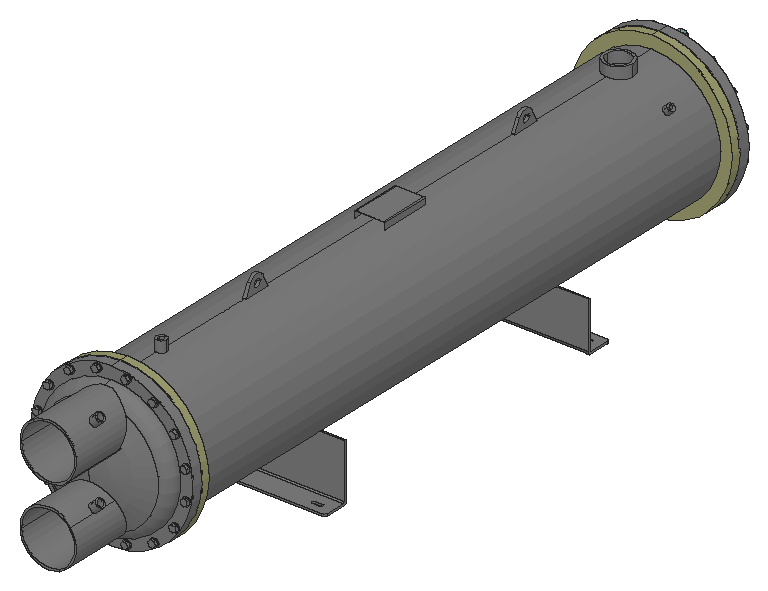
Revit family "MIT-BCM_940_4P", category Specialty Equipment, Revit 2022
Family settings
  Round Connector Dimension = Use Radius
  Part Type = Normal
  Work Plane-Based = No
  Always vertical = Yes
  Cut with Voids When Loaded = No
  Maintain Annotation Orientation = No
  Shared = No
  Room Calculation Point = No
Parameters
  URL = "https://en.ekinendustriyel.com/evaporators-and-condensers"
  Test Pressure = 64.35 bar
  Production Standard = "TS EN 13831"
  Operating Pressure = 45.0 bar
  Model = "MIT-BCM 940_4P"
  Manufacturer = "Ekin Endüstriyel"
  Keynote = "Condensers"
  Description = "MIT- Condensers"
  Default Elevation = 0 mm
Reference planes
  plane 1 "Center (Front/Back)": y = 0
  plane 2: z = 0
  plane 3 "Center (Left/Right)": x = 0
  plane 4 "Center L/S": z = 189.822
Forms (mm)
  Extrusion 1, solid, material "Ekin Endustriyel-S235JR"
    sketch origin (0, 0, 0) x (1, 0, 0) y (0, 0, 1)
      loop
        circle (0, 303.2) r 203.2
    from -1014.666 to 935.166
  Extrusion 2, solid, material "Ekin Endustriyel-S235JR"
    sketch origin (0, 40, 265.699) x (1, 0, 0) y (0, 0, 1)
      loop
        line (-45, 213.306) -> (-44, 213.306) -> (-44, 252.88)
        arc (-44, 252.88) -> (-43.414, 254.294) -> (-42, 254.88) r 2
        line (-42, 254.88) -> (42, 254.88)
        arc (42, 254.88) -> (43.414, 254.294) -> (44, 252.88) r 2
        line (44, 252.88) -> (44, 204.624) -> (45, 204.624) -> (45, 252.88)
        arc (45, 252.88) -> (44.121, 255.002) -> (42, 255.88) r 3
        line (42, 255.88) -> (-42, 255.88)
        arc (-42, 255.88) -> (-44.121, 255.002) -> (-45, 252.88) r 3
        line (-45, 252.88) -> (-45, 213.306)
    from -75 to 75
  Extrusion 3, solid, material "Ekin Endustriyel-S235JR"
    sketch origin (0, 640.19, 79.455) x (1, 0, 0) y (0, 1, 0)
      loop
        circle (0, 249.81) r 42.75
      loop
        circle (0, 249.81) r 35.079
    from 456.945 to 380.83
  Extrusion 4, solid, material "Ekin Endustriyel-S235JR"
    sketch origin (0, -559.681, 76.35) x (1, 0, 0) y (0, 1, 0)
      loop
        circle (0, -250.334) r 15
      loop
        circle (0, -250.334) r 8.928
    from 460.05 to 374.088
  Extrusion 5, solid, material "Ekin Endustriyel-S235JR"
    sketch origin (122.291, 889.856, 401.812) x (0, 1, 0) y (-0.707107, 0, 0.707107)
      loop
        circle (0.144, 16.744) r 11
      loop
        circle (0.144, 16.744) r 6.244
    from 64.998 to -32.02
  Extrusion 6, solid, material "Ekin Endustriyel-S235JR"
    sketch origin (0, -500.291, 0) x (1, 0, 0) y (0, 1, 0)
      loop
        circle (0, -309.709) r 29.75
      loop
        circle (0, -309.709) r 23.144
    from 70 to 169.15
  Extrusion 7, solid, material "Ekin Endustriyel-S235JR", detail levels coarse
    sketch origin (0, 0, 12.15) x (1, 0, 0) y (0, 0, 1)
      loop
        circle (0, 291.05) r 240
    from -1158.593 to 1229.2
  Extrusion 8, solid, material "Ekin Endustriyel-S235JR"
    sketch origin (0, -275.334, 0) x (0, -1, 0) y (0, 0, -1)
      loop
        line (134.666, -9) -> (134.666, -170) -> (139.666, -170) -> (139.666, -9)
        arc (139.666, -9) -> (140.837, -6.172) -> (143.666, -5) r 4
        line (143.666, -5) -> (214.666, -5) -> (214.666, 0) -> (143.666, 0)
        arc (143.666, 0) -> (137.302, -2.636) -> (134.666, -9) r 9
    from -230 to 230
  Extrusion 9, solid, material "Ekin Endustriyel-S235JR", detail levels medium+fine
    sketch origin (40, -549.666, 12.133) x (1, 0, 0) y (0, 0, 1)
      loop
        circle (-40, 406.067) r 79.2
      loop
        circle (-40, 176.067) r 79.2
      loop
        arc (27.319, 355.576) -> (-31.258, 489.761) -> (-116.3, 370.577) r 84.15
        arc (-116.3, 370.577) -> (-48.742, 322.372) -> (27.319, 355.576) r 84.15
      loop
        arc (-116.3, 211.556) -> (-31.258, 92.372) -> (27.319, 226.558) r 84.15
        arc (27.319, 226.558) -> (-48.742, 259.761) -> (-116.3, 211.556) r 84.15
    from 390.526 to 679.534
  Extrusion 10, solid, material "Ekin Endustriyel-S235JR"
    sketch origin (0, -0.334, 150.102) x (0, -1, 0) y (0, 0, -1)
      loop
        line (-644.444, -224.729) -> (-562.806, -392.192)
        arc (-562.806, -392.192) -> (-540.334, -406.237) -> (-517.863, -392.192) r 25
        line (-517.863, -392.192) -> (-436.225, -224.729) -> (-644.444, -224.729)
      loop
        circle (-540.334, -381.237) r 12.5
      loop
        line (553.432, -245.946) -> (365.899, -245.946) -> (437.194, -392.192)
        arc (437.194, -392.192) -> (459.666, -406.237) -> (482.137, -392.192) r 25
        line (482.137, -392.192) -> (553.432, -245.946)
      loop
        circle (459.666, -381.237) r 12.5
    from -5 to 5
  Extrusion 11, solid, material "Ekin Endustriyel-AISI316L", detail levels medium+fine
    sketch origin (0, -549.666, 12.133) x (1, 0, 0) y (0, 0, 1)
      loop
        circle (0, 291.067) r 240
    from 385.5 to 409.5
  Extrusion 12, solid, material "Ekin Endustriyel-S235JR"
    sketch origin (0, 356.334, 0) x (0, 1, 0) y (0, 0, 1)
      loop
        arc (134.666, 9) -> (137.302, 2.636) -> (143.666, 0) r 9
        line (143.666, 0) -> (213.666, 0) -> (213.666, 5) -> (143.666, 5)
        arc (143.666, 5) -> (140.837, 6.172) -> (139.666, 9) r 4
        line (139.666, 9) -> (139.666, 150) -> (134.666, 150) -> (134.666, 9)
    from -230 to 230
  Extrusion 13, void
    sketch origin (0, 551, 5) x (0, -1, 0) y (1, 0, 0)
      loop
        line (17.25, 175) -> (17.25, 195)
        arc (17.25, 195) -> (11, 201.25) -> (4.75, 195) r 6.25
        line (4.75, 195) -> (4.75, 175)
        arc (4.75, 175) -> (11, 168.75) -> (17.25, 175) r 6.25
      loop
        line (-9, 230) -> (-29, 230) -> (-29, -230) -> (-9, -230)
        arc (-9, -230) -> (-16.071, -227.071) -> (-19, -220) r 10
        line (-19, -220) -> (-19, 220)
        arc (-19, 220) -> (-16.071, 227.071) -> (-9, 230) r 10
      loop
        arc (4.75, -195) -> (11, -201.25) -> (17.25, -195) r 6.25
        line (17.25, -195) -> (17.25, -175)
        arc (17.25, -175) -> (11, -168.75) -> (4.75, -175) r 6.25
        line (4.75, -175) -> (4.75, -195)
    from -5 to 0
  Extrusion 14, solid, material "Ekin Endustriyel-S235JR", detail levels medium+fine
    sketch origin (-265.667, -549.666, 277.8) x (0, 0, -1) y (-1, 0, 0)
      loop
        line (-255.169, -303.425) -> (-255.938, -314.367) -> (-246.846, -320.505) -> (-236.985, -315.699) -> (-236.216, -304.757) -> (-245.308, -298.619) -> (-255.169, -303.425)
      loop
        line (-255.169, -227.909) -> (-245.308, -232.714) -> (-236.216, -226.577) -> (-236.985, -215.634) -> (-246.846, -210.829) -> (-255.938, -216.966) -> (-255.169, -227.909)
      loop
        line (204.369, -303.425) -> (194.508, -298.619) -> (185.416, -304.757) -> (186.185, -315.699) -> (196.046, -320.505) -> (205.138, -314.367) -> (204.369, -303.425)
      loop
        line (204.369, -227.909) -> (205.138, -216.966) -> (196.046, -210.829) -> (186.185, -215.634) -> (185.416, -226.577) -> (194.508, -232.714) -> (204.369, -227.909)
      loop
        line (12.358, -495.436) -> (23.301, -496.205) -> (29.438, -487.112) -> (24.633, -477.251) -> (13.69, -476.482) -> (7.553, -485.574) -> (12.358, -495.436)
      loop
        line (-63.158, -495.436) -> (-58.353, -485.574) -> (-64.49, -476.482) -> (-75.433, -477.251) -> (-80.238, -487.112) -> (-74.101, -496.205) -> (-63.158, -495.436)
      loop
        line (12.358, -35.898) -> (7.553, -45.759) -> (13.69, -54.851) -> (24.633, -54.082) -> (29.438, -44.221) -> (23.301, -35.129) -> (12.358, -35.898)
      loop
        line (-63.158, -35.898) -> (-74.101, -35.129) -> (-80.238, -44.221) -> (-75.433, -54.082) -> (-64.49, -54.851) -> (-58.353, -45.759) -> (-63.158, -35.898)
      loop
        line (-161.172, -454.837) -> (-153.978, -463.118) -> (-143.209, -461.029) -> (-139.634, -450.658) -> (-146.828, -442.377) -> (-157.597, -444.466) -> (-161.172, -454.837)
      loop
        line (-214.57, -401.439) -> (-204.199, -397.864) -> (-202.11, -387.095) -> (-210.391, -379.901) -> (-220.762, -383.476) -> (-222.851, -394.245) -> (-214.57, -401.439)
      loop
        line (163.77, -129.895) -> (153.399, -133.47) -> (151.31, -144.238) -> (159.591, -151.432) -> (169.962, -147.857) -> (172.051, -137.088) -> (163.77, -129.895)
      loop
        line (110.372, -76.497) -> (103.178, -68.215) -> (92.409, -70.305) -> (88.834, -80.675) -> (96.028, -88.957) -> (106.797, -86.867) -> (110.372, -76.497)
      loop
        line (163.77, -401.439) -> (172.051, -394.245) -> (169.962, -383.476) -> (159.591, -379.901) -> (151.31, -387.095) -> (153.399, -397.864) -> (163.77, -401.439)
      loop
        line (110.372, -454.837) -> (106.797, -444.466) -> (96.028, -442.377) -> (88.834, -450.658) -> (92.409, -461.029) -> (103.178, -463.118) -> (110.372, -454.837)
      loop
        line (-161.172, -76.497) -> (-157.597, -86.867) -> (-146.828, -88.957) -> (-139.634, -80.675) -> (-143.209, -70.305) -> (-153.978, -68.215) -> (-161.172, -76.497)
      loop
        line (-214.57, -129.895) -> (-222.851, -137.088) -> (-220.762, -147.857) -> (-210.391, -151.432) -> (-202.11, -144.238) -> (-204.199, -133.47) -> (-214.57, -129.895)
    from -452.334 to -444.834
  Extrusion 15, solid, material "Ekin Endustriyel-S235JR", detail levels medium+fine
    sketch origin (-265.667, -549.666, 277.8) x (0, 0, -1) y (-1, 0, 0)
      loop
        circle (-246.077, -309.562) r 11.75
      loop
        circle (-246.077, -221.771) r 11.75
      loop
        circle (195.277, -309.562) r 11.75
      loop
        circle (195.277, -221.771) r 11.75
      loop
        circle (-150.274, -453.059) r 11.75
      loop
        circle (-212.352, -390.981) r 11.75
      loop
        circle (161.81, -140.975) r 11.75
      loop
        circle (99.732, -78.897) r 11.75
      loop
        circle (18.624, -486.655) r 11.75
      loop
        circle (-69.166, -486.655) r 11.75
      loop
        circle (18.624, -45.301) r 11.75
      loop
        circle (-69.166, -45.301) r 11.75
      loop
        circle (161.81, -390.981) r 11.75
      loop
        circle (99.732, -453.059) r 11.75
      loop
        circle (-150.274, -78.897) r 11.75
      loop
        circle (-212.352, -140.975) r 11.75
    from -444.834 to -442.334
  Extrusion 16, solid, material "Ekin Endustriyel-S235JR", detail levels medium+fine
    sketch origin (41.929, -1134.762, 439.914) x (0, 1, 0) y (-0.707107, 0, 0.707107)
      loop
        circle (0.583, 14.294) r 13.45
      loop
        circle (0.583, 14.294) r 10.65
    from 64.998 to 37.156
  Extrusion 17, solid, material "Ekin Endustriyel-S235JR", detail levels medium+fine
    sketch origin (41.929, -1134.762, 209.914) x (0, 1, 0) y (-0.707107, 0, 0.707107)
      loop
        circle (0.583, 14.294) r 13.45
      loop
        circle (0.583, 14.294) r 10.65
    from 64.998 to 37.156
  Extrusion 18, solid, material "Ekin Endustriyel-S235JR", detail levels medium+fine
    sketch origin (0, -577.737, 12.133) x (1, 0, 0) y (0, 0, 1)
      loop
        circle (0, 291.067) r 240
    from 381.5 to 414.5
  Extrusion 19, solid, material "Ekin Endustriyel-AISI316L", detail levels medium+fine
    sketch origin (0, 549.666, 12.133) x (1, 0, 0) y (0, 0, -1)
      loop
        circle (0, -291.067) r 240
    from 465 to 490
  Revolve 20, solid, material "Ekin Endustriyel-S235JR", detail levels medium+fine
    sketch origin (0, 549.666, 12.133) x (0, -1, 0) y (0, 0, -1)
      loop
        line (-523.072, -291.067) -> (-609.631, -291.067)
        arc (-609.631, -291.067) -> (-598.405, -380.757) -> (-567.342, -465.642) r 400.314
        arc (-567.342, -465.642) -> (-550.309, -487.811) -> (-523.072, -494.112) r 41.428
        line (-523.072, -494.112) -> (-523.072, -291.067)
      axis (-523.072, -291.067) -> (-609.631, -291.067)
    angle from 0 to 360
  Extrusion 21, solid, material "Ekin Endustriyel-S235JR", detail levels medium+fine
    sketch origin (-265.667, 549.666, 277.8) x (0, 0, -1) y (1, 0, 0)
      loop
        line (-255.169, 303.425) -> (-245.308, 298.619) -> (-236.216, 304.757) -> (-236.985, 315.699) -> (-246.846, 320.505) -> (-255.938, 314.367) -> (-255.169, 303.425)
      loop
        line (-255.169, 227.909) -> (-255.938, 216.966) -> (-246.846, 210.829) -> (-236.985, 215.634) -> (-236.216, 226.577) -> (-245.308, 232.714) -> (-255.169, 227.909)
      loop
        line (204.369, 303.425) -> (205.138, 314.367) -> (196.046, 320.505) -> (186.185, 315.699) -> (185.416, 304.757) -> (194.508, 298.619) -> (204.369, 303.425)
      loop
        line (204.369, 227.909) -> (194.508, 232.714) -> (185.416, 226.577) -> (186.185, 215.634) -> (196.046, 210.829) -> (205.138, 216.966) -> (204.369, 227.909)
      loop
        line (12.358, 495.436) -> (7.553, 485.574) -> (13.69, 476.482) -> (24.633, 477.251) -> (29.438, 487.112) -> (23.301, 496.205) -> (12.358, 495.436)
      loop
        line (-63.158, 495.436) -> (-74.101, 496.205) -> (-80.238, 487.112) -> (-75.433, 477.251) -> (-64.49, 476.482) -> (-58.353, 485.574) -> (-63.158, 495.436)
      loop
        line (12.358, 35.898) -> (23.301, 35.129) -> (29.438, 44.221) -> (24.633, 54.082) -> (13.69, 54.851) -> (7.553, 45.759) -> (12.358, 35.898)
      loop
        line (-63.158, 35.898) -> (-58.353, 45.759) -> (-64.49, 54.851) -> (-75.433, 54.082) -> (-80.238, 44.221) -> (-74.101, 35.129) -> (-63.158, 35.898)
      loop
        line (-161.172, 454.837) -> (-157.597, 444.466) -> (-146.828, 442.377) -> (-139.634, 450.658) -> (-143.209, 461.029) -> (-153.978, 463.118) -> (-161.172, 454.837)
      loop
        line (-214.57, 401.439) -> (-222.851, 394.245) -> (-220.762, 383.476) -> (-210.391, 379.901) -> (-202.11, 387.095) -> (-204.199, 397.864) -> (-214.57, 401.439)
      loop
        line (163.77, 129.895) -> (172.051, 137.088) -> (169.962, 147.857) -> (159.591, 151.432) -> (151.31, 144.238) -> (153.399, 133.47) -> (163.77, 129.895)
      loop
        line (110.372, 76.497) -> (106.797, 86.867) -> (96.028, 88.957) -> (88.834, 80.675) -> (92.409, 70.305) -> (103.178, 68.215) -> (110.372, 76.497)
      loop
        line (163.77, 401.439) -> (153.399, 397.864) -> (151.31, 387.095) -> (159.591, 379.901) -> (169.962, 383.476) -> (172.051, 394.245) -> (163.77, 401.439)
      loop
        line (110.372, 454.837) -> (103.178, 463.118) -> (92.409, 461.029) -> (88.834, 450.658) -> (96.028, 442.377) -> (106.797, 444.466) -> (110.372, 454.837)
      loop
        line (-161.172, 76.497) -> (-153.978, 68.215) -> (-143.209, 70.305) -> (-139.634, 80.675) -> (-146.828, 88.957) -> (-157.597, 86.867) -> (-161.172, 76.497)
      loop
        line (-214.57, 129.895) -> (-204.199, 133.47) -> (-202.11, 144.238) -> (-210.391, 151.432) -> (-220.762, 147.857) -> (-222.851, 137.088) -> (-214.57, 129.895)
    from -532.334 to -523.072
  Extrusion 22, solid, material "Ekin Endustriyel-S235JR", detail levels medium+fine
    sketch origin (-265.667, 549.666, 277.8) x (0, 0, -1) y (1, 0, 0)
      loop
        circle (-246.077, 309.562) r 11.75
      loop
        circle (-246.077, 221.771) r 11.75
      loop
        circle (195.277, 309.562) r 11.75
      loop
        circle (195.277, 221.771) r 11.75
      loop
        circle (-150.274, 453.059) r 11.75
      loop
        circle (-212.352, 390.981) r 11.75
      loop
        circle (161.81, 140.975) r 11.75
      loop
        circle (99.732, 78.897) r 11.75
      loop
        circle (18.624, 486.655) r 11.75
      loop
        circle (-69.166, 486.655) r 11.75
      loop
        circle (18.624, 45.301) r 11.75
      loop
        circle (-69.166, 45.301) r 11.75
      loop
        circle (161.81, 390.981) r 11.75
      loop
        circle (99.732, 453.059) r 11.75
      loop
        circle (-150.274, 78.897) r 11.75
      loop
        circle (-212.352, 140.975) r 11.75
    from -524.834 to -523.072
  Extrusion 23, solid, material "Ekin Endustriyel-S235JR", detail levels medium+fine
    sketch origin (0, 577.737, 12.133) x (1, 0, 0) y (0, 0, -1)
      loop
        circle (0, -291.067) r 240
    from 462.5 to 495
  Extrusion 24, solid, material "Ekin Endustriyel-Zinc", detail levels medium+fine
    sketch origin (0.583, 1082.367, 454.339) x (-1, 0, 0) y (0, -0.5, 0.866025)
      loop
        circle (0.583, 14.294) r 13.45
    from 64.998 to 24.615
  Extrusion 25, solid, material "Ekin Endustriyel-S235JR", detail levels medium+fine
    sketch origin (0.583, 1082.367, 152.061) x (-1, 0, 0) y (0, 0.5, 0.866025)
      loop
        circle (0.583, -14.294) r 13.45
    from 64.998 to 37.156
  Extrusion 26, void
    sketch origin (0, -471, 5) x (0, 1, 0) y (-1, 0, 0)
      loop
        arc (17.25, -175) -> (11, -168.75) -> (4.75, -175) r 6.25
        line (4.75, -175) -> (4.75, -195)
        arc (4.75, -195) -> (11, -201.25) -> (17.25, -195) r 6.25
        line (17.25, -195) -> (17.25, -175)
      loop
        arc (-9, -230) -> (-16.071, -227.071) -> (-19, -220) r 10
        line (-19, -220) -> (-19, 220)
        arc (-19, 220) -> (-16.071, 227.071) -> (-9, 230) r 10
        line (-9, 230) -> (-29, 230) -> (-29, -230) -> (-9, -230)
      loop
        line (4.75, 195) -> (4.75, 175)
        arc (4.75, 175) -> (11, 168.75) -> (17.25, 175) r 6.25
        line (17.25, 175) -> (17.25, 195)
        arc (17.25, 195) -> (11, 201.25) -> (4.75, 195) r 6.25
    from -5 to 0
  Revolve 27, solid, material "Ekin Endustriyel-S235JR", detail levels medium+fine
    sketch origin (0, -469.166, 12.133) x (0, 1, 0) y (0, 0, 1)
      loop
        line (-523.072, 291.067) -> (-523.072, 494.112)
        arc (-523.072, 494.112) -> (-550.309, 487.811) -> (-567.342, 465.642) r 41.428
        arc (-567.342, 465.642) -> (-598.405, 380.757) -> (-609.631, 291.067) r 400.314
        line (-609.631, 291.067) -> (-523.072, 291.067)
      axis (-523.072, 291.067) -> (-609.631, 291.067)
    angle from 0 to 360
Cuts and joins
  Extrusion 26 cuts Extrusion 1
  Extrusion 26 cuts Extrusion 2
  Extrusion 26 cuts Extrusion 3
  Extrusion 26 cuts Extrusion 4
  Extrusion 26 cuts Extrusion 5
  Extrusion 26 cuts Extrusion 6
  Extrusion 13, Extrusion 26 cuts Extrusion 8
  Extrusion 26 cuts Extrusion 10
  Extrusion 13, Extrusion 26 cuts Extrusion 12
  joined: Extrusion 1, Extrusion 2, Extrusion 3, Extrusion 4, Extrusion 5, Extrusion 6, Extrusion 8, Extrusion 10, Extrusion 12
  joined: Extrusion 9, Extrusion 16, Extrusion 17
Dimensions and locks
  aligned and locked: level to plane 2
Connectors
  hvac at (0, 890, 536.4)
    settings: on Extrusion 3, index 3, duct flow 0.0 L/s, flow factor 0, pres drop 0.0 bar, loss coef 0, conn angle 0.00°, conn width 304.8 mm, conn height 304.8 mm, conn diameter 80 mm, duct sys type 3, conn prof type 0, flow config 0, flow direction 0, loss method 0, conn ref index -1, conn util no, is conn primary yes, conn desc ""
  hvac at (0, -810, 70)
    settings: on Extrusion 6, index 4, duct flow 0.0 L/s, flow factor 0, pres drop 0.0 bar, loss coef 0, conn angle 0.00°, conn width 304.8 mm, conn height 304.8 mm, conn diameter 54 mm, duct sys type 3, conn prof type 0, flow config 0, flow direction 0, loss method 0, conn ref index -1, conn util no, is conn primary no, conn desc ""
  piping at (0, -1229.2, 418.2), diameter 152.4
    settings: on Extrusion 9, index 5, connector inside diameter 609.6 mm, connector length 0 mm, flow factor 0, pipe flow 0.0 L/s, pressure drop 0.0 Pa, fitting loss kfactor 0, connector angle 0.00°, fixture units 0, engagement length 0 mm, angle of deflection 0.00°, flow configuration 0, flow direction 1, fitting loss method 0, system type 7, joint type 0, gender type 0, connector reference index -1, connector utility 0, adjustable connector no, is connector primary yes, connector description ""
  piping at (0, -1229.2, 188.2), diameter 152.4
    settings: on Extrusion 9, index 6, connector inside diameter 609.6 mm, connector length 0 mm, flow factor 0, pipe flow 0.0 L/s, pressure drop 0.0 Pa, fitting loss kfactor 0, connector angle 0.00°, fixture units 0, engagement length 0 mm, angle of deflection 0.00°, flow configuration 0, flow direction 2, fitting loss method 0, system type 7, joint type 0, gender type 0, connector reference index -1, connector utility 0, adjustable connector no, is connector primary no, connector description ""
